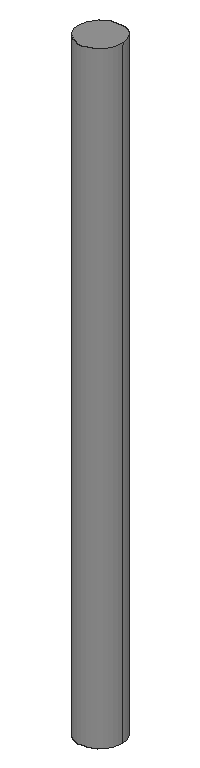
Revit family "POT-BA-ROND", category Poteaux porteurs, Revit 2017
Family settings
  Afficher dans les vues cachées = Arêtes cachées par d'autres membres
  Forme de coupe = Non définie
  Matériau pour le comportement du modèle = Béton
  Toujours exporter comme géométrie = Non
  Réduction de poutre dans le plan = A partir de la zone de délimitation
  Couper avec des vides une fois chargée = Non
  Représentation symbolique = A partir des paramètres du projet
  Partagée = Non
  Afficher le prédécoupage de famille dans les vues en plan = Oui
Parameters (values of type "POT-BA25-D18")
  Matériau structurel = Béton, coulé sur place, gris
  Diamètre = 180 mm
Types (3, lengths in mm): name | Diamètre
  POT-BA25-D40 | 400
  POT-BA25-D25 | 250
  POT-BA25-D18 | 180
Reference planes
  plane 1 "Centre (avant/arrière)": y = 0
  plane 2: z = 0
  plane 3 "Centre (gauche/droite)": x = 0
  plane 4: x = -90
  plane 5: x = 90
  plane 6: y = 90
  plane 7: y = -90
Forms (mm)
  Extrusion 1, solid, material "Béton, coulé sur place, gris" <- "Matériau structurel"
    sketch origin (0, 0, 0) x (1, 0, 0) y (0, 1, 0)
      loop
        circle (0, 0) r 90
    from 0 to 2500
Dimensions and locks
  equal spacing: plane 4, plane 3 "Centre (gauche/droite)", plane 5
  equal spacing: plane 7, plane 1 "Centre (avant/arrière)", plane 6
  "Diamètre": plane 7 to plane 6
  "Diamètre": plane 4 to plane 5
  aligned and locked: level to Extrusion 1
  aligned and locked: level to plane 2
  aligned and locked: Extrusion 1 to plane 2
Automatic sketch dimensions
  Extrusion 1 sketch curve to plane 1 "Centre (avant/arrière)" = 0 mm
  Extrusion 1 sketch curve to plane 4 = 0 mm
  Extrusion 1 sketch curve to plane 3 "Centre (gauche/droite)" = 0 mm
